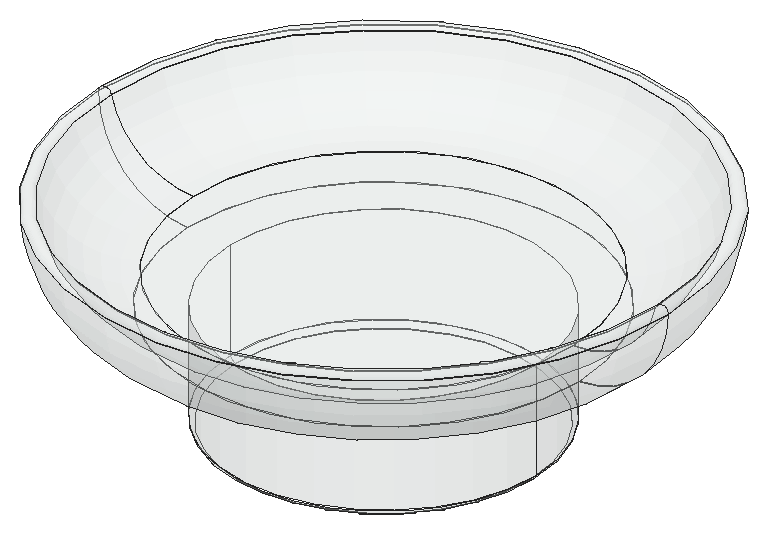
Revit family "Soap_dish-Grohe-Essentials-40368001- Copy", category Specialty Equipment, Revit 2014
Parameters (values of type "40368001")
  Width = 4.33071"  # constant formula
  Warranty Documentation Link = "https://www.grohe.ca/en_ca/our-service/warranty/"
  URL = "https://www.grohe.ca/en_ca/"
  Product Page URL = "https://www.grohe.ca/en_ca/essentials-soap-dish-40368001.html"
  Price = "Prices may vary. Please consult Manufacturer Representative for most up-to-date price list."  # constant formula
  Model = "40368001"  # constant formula
  Material = "Glass-Grohe-Crystal"
  Manufacturer = "GROHE"  # constant formula
  Height = 1.53543"  # constant formula
  Finish = Glass-Grohe-Crystal
  Description = "ESSENTIALS Soap dish"  # constant formula
  Default Elevation = 0"
  Creation Date = "7/10/2019"  # constant formula
  Assembly Code = "C1030200"
Reference planes (in)
  plane 1 "Center (Front/Back)": y = 0
  plane 2: z = 0
  plane 3 "Center (Left/Right)": x = 0
  plane 4: z = 1.53543
  plane 5: x = 2.16535
  plane 6: x = -2.16535
  plane 7: y = 2.16535
  plane 8: y = -2.16535
Forms (in)
  Sweep 1, solid, material "Glass-Grohe-Crystal" <- "Finish"
    path origin (0, 0, 0) x (1, 0, 0) y (0, 1, 0)
      loop
        circle (0, 0) r 1.1811
    profile origin (0, 1.1811, 0) x (0, -1, 0) y (0, 0, 1)
      loop
        line (0.05922, -0.00007) -> (0.31332, -0.00007) -> (0.31332, 1.02291) -> (-0.26612, 1.02291)
        arc (-0.26612, 1.02291) -> (-0.65992, 1.15346) -> (-0.88917, 1.49925) r 0.63528
        arc (-0.88917, 1.49925) -> (-0.94225, 1.53528) -> (-0.98474, 1.48721) r 0.04856
        arc (-0.98474, 1.48721) -> (-0.78743, 1.00154) -> (-0.30638, 0.79323) r 0.69261
        line (-0.30638, 0.79323) -> (0.01969, 0.79323) -> (0.01969, 0.03946)
        arc (0.01969, 0.03946) -> (0.03126, 0.01151) -> (0.05922, -0.00007) r 0.03953
  Extrusion 2, solid, material "Glass-Grohe-Crystal" <- "Finish"
    sketch origin (0, 0, 0) x (1, 0, 0) y (0, 1, 0)
      loop
        circle (0, 0) r 0.86778
    from 0 to 1.02291
Cuts and joins
  joined: Sweep 1, Extrusion 2
Lines and regions (in)
  Masking region 1
    outline origin (0, 0, 0) x (1, 0, 0) y (0, 1, 0)
      loop
        circle (0, 0) r 2.16726
  symbolic lines, detail levels medium+fine
    curve 1: circle (0, 0, 0) r 1.44722 normal (0, 0, 1)
  symbolic lines, detail levels fine
    curve 2: circle (0, 0, 0) r 2.09817 normal (0, 0, 1)
Dimensions and locks (in)
  "Width": plane 6 to plane 5
  equal spacing: plane 5, plane 3 "Center (Left/Right)", plane 6
  equal spacing: plane 6, plane 3 "Center (Left/Right)", plane 5
  equal spacing: plane 7, plane 1 "Center (Front/Back)", plane 8
  "Width": plane 7 to plane 8
  "Height": level to plane 4
  aligned and locked: Extrusion 2 to level
  aligned and locked: Sweep 1 to Extrusion 2
Automatic sketch dimensions
  plane 1 "Center (Front/Back)" to Sweep 1 sketch curve = 0"
  Sweep 1 sketch curve to plane 3 "Center (Left/Right)" = 0"
  plane 1 "Center (Front/Back)" to Extrusion 2 sketch curve = 0"
  Extrusion 2 sketch curve to plane 3 "Center (Left/Right)" = 0"
  profile plane to Sweep 1 sketch curve = 0.93619"
  profile plane to Sweep 1 sketch curve = 0.30638"
  profile plane to Sweep 1 sketch curve = 0.29214"
  Sweep 1 sketch curve to Sweep 1 sketch curve = 0.01805"
  Sweep 1 sketch curve to Sweep 1 sketch curve = 0.04026"
  Sweep 1 sketch curve to profile plane = 0.01969"
  Sweep 1 sketch curve to Sweep 1 sketch curve = 0.03953"
  Sweep 1 sketch curve to level = 0.00007"
  Sweep 1 sketch curve to Sweep 1 sketch curve = 0.2541"
  level to Sweep 1 sketch curve = 0.79323"
  Sweep 1 sketch curve to Sweep 1 sketch curve = 0.22969"
  Sweep 1 sketch curve to Sweep 1 sketch curve = 0.46277"
  Sweep 1 sketch curve to Sweep 1 sketch curve = 0.00142"
  Sweep 1 sketch curve to Sweep 1 sketch curve = 0.17245"
  Sweep 1 sketch curve to Sweep 1 sketch curve = 0"
  plane 1 "Center (Front/Back)" to Masking region 1 sketch curve = 0"
  Masking region 1 sketch curve to plane 3 "Center (Left/Right)" = 0"
  curve 1 to curve 2 = 0"  (x2)
  plane 1 "Center (Front/Back)" to curve 2 = 0"
  curve 2 to plane 3 "Center (Left/Right)" = 0"
  radius of Sweep 1 sketch curve = 1.1811"
  radius of Extrusion 2 sketch curve = 0.86778"
  radius of Masking region 1 sketch curve = 2.16726"
  radius of curve 1 = 1.44722"
  radius of curve 2 = 2.09817"
